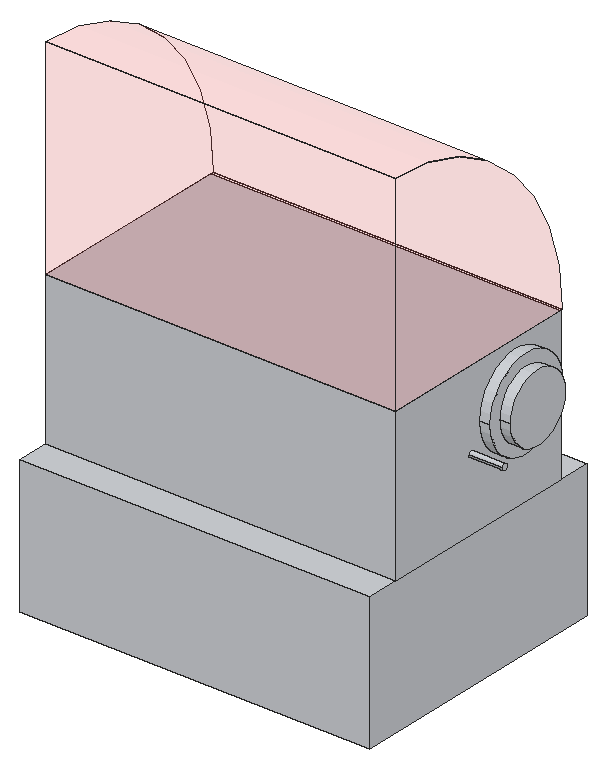
Revit family
Parameters (values of type "120 V Single Phase")
  Weight Scheduled [instance] = 49  # constant formula
  Voltage Workaround = Voltage / 1 V  # 120
  Voltage Scheduled = Voltage  # 120 V
  Voltage = 120 V  # constant formula
  VoltAmps Workaround [instance] = Voltage Workaround * Total FLA * sqrt(Phase)  # 156
  VoltAmps [instance] = VoltAmps Workaround * 1 VA  # 156 VA
  URL = "http://www.renewaire.com/_assets/files/SubmittalForms/br130.pdf"
  Total FLA [instance] = 1.3  # constant formula
  Supply Motor RPM Scheduled [instance] = 0
  Supply Motor HP Scheduled [instance] = 0
  Supply Motor Count Scheduled [instance] = 0
  Supply ESP Scheduled [instance] = Supply ESP  # 0.7
  Supply ESP [instance] = if(Supply CFM < 53 CFM, 0.7, if(Supply CFM < 70 CFM, 0.6, if(Supply CFM < 95 CFM, 0.5, if(Supply CFM < 114 CFM, 0.4, if(Supply CFM < 133 CFM, 0.3, if(Supply CFM < 142 CFM, 0.2, if(Supply CFM < 149 CFM, 0.1, if(Supply CFM > 148 CFM, 0, 0))))))))  # 0.7
  Supply CFM Scheduled [instance] = Supply CFM  # 0 CFM
  Supply CFM [instance] = 0 CFM
  Supply Air Winter RH Scheduled [instance] = 0
  Supply Air Winter DB Scheduled [instance] = 0
  Supply Air Summer RH Scheduled [instance] = 0
  Supply Air Summer DB Scheduled [instance] = 0
  Phase Scheduled = Phase  # 1
  Phase = 1  # constant formula
  Outside Air Winter RH Scheduled [instance] = 0
  Outside Air Winter DB Scheduled [instance] = 0
  Outside Air Summer RH Scheduled [instance] = 0
  Outside Air Summer DB Scheduled [instance] = 0
  Number of Poles = 1
  Model = "BR130"
  Manufacturer = "RenewAire"
  MOCP Scheduled [instance] = 0
  MCA Scheduled [instance] = 0
  FLA Scheduled [instance] = Total FLA  # 1.3
  Exhaust RH Scheduled [instance] = 0
  Exhaust Motor RPM Scheduled [instance] = 0
  Exhaust Motor HP Scheduled [instance] = 0
  Exhaust Motor Count Scheduled [instance] = 0
  Exhaust ESP Scheduled [instance] = Exhaust ESP  # 0.7
  Exhaust ESP [instance] = if(Exhaust CFM < 53 CFM, 0.7, if(Exhaust CFM < 70 CFM, 0.6, if(Exhaust CFM < 95 CFM, 0.5, if(Exhaust CFM < 114 CFM, 0.4, if(Exhaust CFM < 133 CFM, 0.3, if(Exhaust CFM < 142 CFM, 0.2, if(Exhaust CFM < 149 CFM, 0.1, if(Exhaust CFM > 148 CFM, 0, 0))))))))  # 0.7
  Exhaust DB Scheduled [instance] = 0
  Exhaust CFM Scheduled [instance] = Exhaust CFM  # 0 CFM
  Exhaust CFM [instance] = 0 CFM
  Enthalpy Effect Winter Scheduled [instance] = if(Supply CFM < 53 CFM, 78, if(Supply CFM < 70 CFM, 75, if(Supply CFM < 95 CFM, 71, if(Supply CFM < 114 CFM, 68, if(Supply CFM < 133 CFM, 65, if(Supply CFM < 142 CFM, 63, if(Supply CFM < 149 CFM, 62, if(Supply CFM > 148 CFM, 0, 0))))))))  # 78
  Enthalpy Effect Summer Scheduled [instance] = if(Supply CFM < 53 CFM, 65, if(Supply CFM < 70 CFM, 62, if(Supply CFM < 95 CFM, 57, if(Supply CFM < 114 CFM, 53, if(Supply CFM < 133 CFM, 49, if(Supply CFM < 142 CFM, 47, if(Supply CFM < 149 CFM, 46, if(Supply CFM > 148 CFM, 0, 0))))))))  # 65
  Duct Width [instance] = 2' - 0"
  Duct Connection Radius [instance] = 0' - 3"
  Duct Height [instance] = 1' - 0"
  Duct Half Width [instance] = Duct Width / 2  # 1' - 0"
  Duct Half Height [instance] = Duct Height / 2  # 0' - 6"
Reference planes (in)
  plane 1 "Center (Front/Back)": y = -2.02095
  plane 2: z = 0
  plane 3 "Center (Left/Right)": x = 0
  plane 4 "DUCT NEAR SIDE": z = 6
  plane 5 "DUCT REAR SIDE": y = 9.97905
  plane 6 "DUCT FAR SIDE": z = -6
  plane 7 "DUCT FRONT SIDE": y = -14.02095
Forms (in)
  Extrusion 1, solid
    sketch origin (0, 0, 0) x (0, 1, 0) y (0, 0, 1)
      loop
        line (-14.02095, 6) -> (-14.02095, -6) -> (9.97905, -6) -> (9.97905, 6) -> (-14.02095, 6)
    from -15.4375 to 15.4375
  Extrusion 2, solid
    sketch origin (0, 0, 0) x (0, 1, 0) y (0, 0, 1)
      loop
        line (-11.14595, 19.375) -> (-11.14595, 6) -> (7.10405, 6) -> (7.10405, 19.375) -> (-11.14595, 19.375)
    from -15.4375 to 15.4375
  Extrusion 3, solid
    sketch origin (15.4375, 0, 0) x (0, 1, 0) y (0, 0, 1)
      loop
        circle (2.10405, 14.625) r 3
    from 0 to 2
  Extrusion 4, solid
    sketch origin (15.4375, 0, 0) x (0, 1, 0) y (0, 0, 1)
      loop
        circle (2.10405, 14.625) r 4
    from 0 to 1
  Extrusion 5, solid
    sketch origin (15.4375, 0, 0) x (0, 1, 0) y (0, 0, 1)
      loop
        circle (-2.80416, 12.43543) r 0.25
    from 0 to 3
  Extrusion 6, solid
    sketch origin (-15.4375, 0, 0) x (0, -1, 0) y (0, 0, 1)
      loop
        circle (-2.60405, 13.25) r 3
    from 0 to 2
  Extrusion 7, solid
    sketch origin (-15.4375, 0, 0) x (0, -1, 0) y (0, 0, 1)
      loop
        circle (-2.60405, 13.25) r 4
    from 0 to 1
  Extrusion 8, solid
    sketch origin (0, 0, 0) x (0, 1, 0) y (0, 0, 1)
      loop
        line (-11.14595, 19.375) -> (7.35405, 19.375)
        arc (7.35405, 19.375) -> (1.93553, 32.45648) -> (-11.14595, 37.875) r 18.5
        line (-11.14595, 37.875) -> (-11.14595, 19.375)
    from -15.4375 to 15.4375
Cuts and joins
  joined: Extrusion 2, Extrusion 3, Extrusion 4, Extrusion 5, Extrusion 6, Extrusion 7
Dimensions and locks (in)
  equal spacing: plane 7 "DUCT FRONT SIDE", plane 1 "Center (Front/Back)", plane 5 "DUCT REAR SIDE"
  equal spacing: plane 4 "DUCT NEAR SIDE", level, plane 6 "DUCT FAR SIDE"
  "Duct Half Height": plane 4 "DUCT NEAR SIDE" to level
  "Duct Half Width": plane 7 "DUCT FRONT SIDE" to plane 1 "Center (Front/Back)"
  Extrusion 2 sketch curve to plane 4 "DUCT NEAR SIDE" = 1' - 1 3/8"
  equal spacing: Extrusion 2 sketch curve, plane 1 "Center (Front/Back)", Extrusion 2 sketch curve
  Extrusion 2 sketch curve to plane 1 "Center (Front/Back)" = 0' - 9 1/8"
  Extrusion 2 to Extrusion 3 sketch curve = 0' - 4 3/4"
  Extrusion 3 sketch curve to Extrusion 2 = 0' - 5"
  Extrusion 2 to Extrusion 4 sketch curve = 0' - 4 3/4"
  Extrusion 4 sketch curve to Extrusion 2 = 0' - 5"
  Extrusion 2 to Extrusion 6 sketch curve = 0' - 6 1/8"
  Extrusion 2 to Extrusion 6 sketch curve = 0' - 4 1/2"
  Extrusion 2 to Extrusion 7 sketch curve = 0' - 6 1/8"
  Extrusion 2 to Extrusion 7 sketch curve = 0' - 4 1/2"
  radius of Extrusion 8 sketch curve = 1' - 6 1/2"
  aligned and locked: plane 7 "DUCT FRONT SIDE" to Extrusion 1 sketch curve
  aligned and locked: Extrusion 1 sketch curve to plane 4 "DUCT NEAR SIDE"
  aligned and locked: Extrusion 1 sketch curve to plane 5 "DUCT REAR SIDE"
  aligned and locked: Extrusion 1 sketch curve to plane 6 "DUCT FAR SIDE"
  aligned and locked: plane 4 "DUCT NEAR SIDE" to Extrusion 2 sketch curve
  aligned and locked: Extrusion 8 sketch curve to Extrusion 2
Automatic sketch dimensions
  Extrusion 5 sketch curve to Extrusion 2 = 0' - 8.34179"
  Extrusion 5 sketch curve to Extrusion 2 = 0' - 6.43543"
  plane 4 "DUCT NEAR SIDE" to Extrusion 8 sketch curve = 1' - 1 3/8"
  radius of Extrusion 3 sketch curve = 0' - 3"
  radius of Extrusion 4 sketch curve = 0' - 4"
  radius of Extrusion 5 sketch curve = 0' - 0 1/4"
  radius of Extrusion 6 sketch curve = 0' - 3"
  radius of Extrusion 7 sketch curve = 0' - 4"
Connectors (in)
  electrical at (18.4375, -2.80416, 12.43543), driven by "VoltAmps", driven by "Voltage", driven by "Number of Poles"
    settings: on Extrusion 5, index 1, voltage 120 V, apparent load 156 VA, apparent load phase1 0 VA, apparent load phase2 0 VA, apparent load phase3 0 VA, power factor 1, load classification "HVAC", number of poles 1, system type 30, power factor state 1, is connector primary yes, connector utility no, sub classification motor no, connector description "CORD CONNECTED"
  hvac at (15.4375, -2.02095, 0), driven by "Supply CFM", driven by "Duct Height", driven by "Duct Width"
    settings: on Extrusion 1, index 2, duct flow 0 CFM, flow factor 0, pres drop 0.00 in-wg, loss coef 0, conn angle 0.00°, conn width 24", conn height 12", conn radius 12", duct sys type 2, conn prof type 1, flow config 0, flow direction 0, loss method 0, conn ref index 3, conn util no, is conn primary no, conn desc ""
  hvac at (-15.4375, -2.02095, 0), driven by "Supply CFM", driven by "Duct Height", driven by "Duct Width"
    settings: on Extrusion 1, index 3, duct flow 0 CFM, flow factor 0, pres drop 0.00 in-wg, loss coef 0, conn angle 0.00°, conn width 24", conn height 12", conn radius 12", duct sys type 2, conn prof type 1, flow config 0, flow direction 0, loss method 0, conn ref index 2, conn util no, is conn primary yes, conn desc ""
  hvac at (-17.4375, 2.60405, 13.25), driven by "Duct Connection Radius", driven by "Supply CFM"
    settings: on Extrusion 6, index 4, duct flow 0 CFM, flow factor 0, pres drop 0.00 in-wg, loss coef 0, conn angle 0.00°, conn width 12", conn height 12", conn radius 3", duct sys type 1, conn prof type 0, flow config 1, flow direction 1, loss method 0, conn ref index -1, conn util no, is conn primary no, conn desc ""
  hvac at (17.4375, 2.10405, 14.625), driven by "Duct Connection Radius", driven by "Exhaust CFM"
    settings: on Extrusion 3, index 5, duct flow 0 CFM, flow factor 0, pres drop 0.00 in-wg, loss coef 0, conn angle 0.00°, conn width 12", conn height 12", conn radius 3", duct sys type 3, conn prof type 0, flow config 1, flow direction 2, loss method 0, conn ref index -1, conn util no, is conn primary no, conn desc ""
